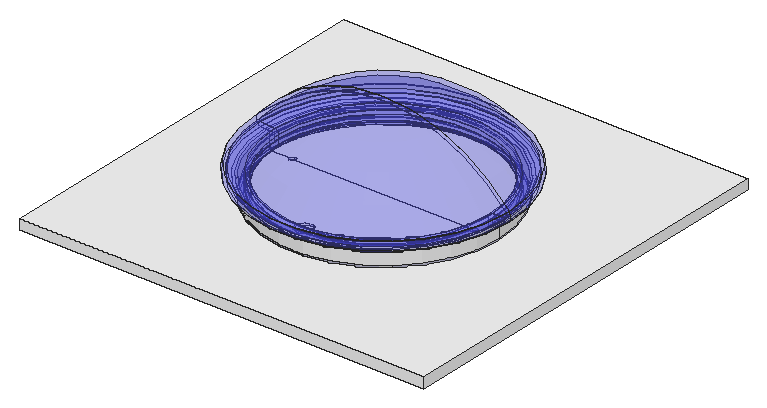
Revit family "BE_12133P_de_DE", category Leuchten, Revit 2020
Family settings
  Basisbauteil = Fläche
  Bemaßung runder Anschluss = Durchmesser verwenden
  Teiletyp = Normal
  Beim Laden mit Abzugskörper schneiden = Ja
  Lichtquelle = Ja
  Gemeinsam genutzt = Nein
  Raumberechnungspunkt = Ja
Parameters (values of type "BEGA_12133P_K3")
  built-in parameter 1150104 = 11.706 (stored number, unit not read)
  Wattage = 11.9 W
  Default Elevation = 0 mm
  built-in parameter 1150113 = 1 (stored number, unit not read)
  built-in parameter 1114218 = 1 (stored number, unit not read)
  Umgebungstemperatur = "25 °C"
  URL = "http://www.bega.de/de/produkt/12133P"
  Typenkommentare = "© 2022 BEGA. Wir behalten uns das Recht vor, technische Änderungen ohne vorherige Ankündigung vorzunehmen."  # constant formula
  built-in parameter 1150134 = (empty or 0)
  built-in parameter 1150109 = 1 (stored number, unit not read)
  Strom = ""
  built-in parameter 1150110 = 1 (stored number, unit not read)
  Spannung = 239.996 V
  Sonderanfertigung = no
  Seriennummer [instance] = "Hier können Sie die eindeutige Seriennummer für das Facility Management eintragen."
  Schutzklasse = "I"
  Schutzart = "IP 20"
  Scheinlast = 0 VA
  Produktdatenblatt = "http://www.bega.de/download/Xrfa/db/12133P.db.de.pdf"
  Oberflächentemperatur = ""
  Neigungswinkel = 0.00°
  Model = "12133PK2"
  Material_17 = BEGA_Reflektor
  Material_15 = BEGA_Leuchtmedium_matt
  Material_14 = BEGA_Kunststoff_opal
  Material_11 = BEGA_Glas_opal
  Material_09 = BEGA_Glas_klar
  Material_06 = BEGA_Oberfläche_Edelstahl_gebürstet
  Material_03 = BEGA_Oberfläche_Weiss_matt
  Material_02 = BEGA_Oberfläche_Silber_matt
  Material_01 [instance] = BEGA_Oberfläche_Grafit_matt
  M_W = no
  M_G = no
  M_A = no
  Logo = 0
  built-in parameter 1114217 = 1 (stored number, unit not read)
  built-in parameter 1150139 = (empty or 0)
  built-in parameter 1150105 = 415.15 (stored number, unit not read)
  built-in parameter 1150114 = 1 (stored number, unit not read)
  Lumens = 1499.4 lm
  built-in parameter 1150115 = 1 (stored number, unit not read)
  Leuchtenlichtstrom = "1146 lm"
  Leuchtenanzahl = ""
  Lebensdauerkriterien = "L70B50 @ 25 °C = 161000 h"
  Lastklassifizierung = Beleuchtung
  built-in parameter 1150112 = 1 (stored number, unit not read)
  Lampenlichtstrom = "1505 lm"
  Lamp = "LED 11.9 W"
  LED_Modulbezeichnung = "LED-0509/927"
  Hersteller = "BEGA"  # constant formula
  Halbstreuwinkel = ""
  Gewicht = "1.2 kg"
  Gebrauchslageneinschränkung [instance] = ""
  Frequenz = "50-60 Hz"
  Farbwiedergabeindex = "CRI > 90"
  Farbtemperaturverschiebung bei Dämpfen der Lampe = <Keine Auswahl>
  Farbtemperatur = "2700 K"
  Color Filter = 16777215
  built-in parameter 1150133 = 10 (stored number, unit not read)
  Energieeffizienzklasse = "LED A++ - A"
  built-in parameter 1150137 = (empty or 0)
  built-in parameter 1150132 = (empty or 0)
  ENEC = "ja"
  Dimmbar [instance] = ""
  Photometric Web File = "BE_12133PK2.IES"
  CE_Konformität = "ja"
  Bestellnummer = "12133PK2"
  Beschreibung_Sonderanfertigung = "Hier können Sie Informationen zur Sonderanfertigung eintragen."
  Beschreibung = "Decken- und Wandleuchte"
  built-in parameter 1150106 = 4.1515 (stored number, unit not read)
  Befestigungsbohrung = "Ø 5,5 mm"
  Befestigungsabstand = "180 mm"
  Ballwurfsicher = ""
  BEGA_Intern_aus = yes
  BEGA_Intern_an = yes
  BEGA_Intern_Konstruktion = yes
  BEGA_Intern = yes
  BEGA_IES = yes
  BEGA_Dummy = no
  Anschlussleitung = ""
  Anschlussleistung [instance] = "15.8 W"
  Anschlusskasten = ""
  built-in parameter 1150107 = 2000 (stored number, unit not read)
  built-in parameter 1150102 = (empty or 0)
  built-in parameter 1150138 = (empty or 0)
  Aktualisierung = "2019-10-29T04:00:14"
  Abstand_zur_angestrahlten_Fläche [instance] = ""
  AC/DC = "AC"
Types (2, lengths in mm): name | built-in parameter 1150134 | Model | built-in parameter 1150105 | Leuchtenlichtstrom | Lampenlichtstrom | LED_Modulbezeichnung | Farbtemperatur | Photometric Web File | Bestellnummer | built-in parameter 1150106 | built-in parameter 1150107
  BEGA_12133P_K3 | (empty or 0) | "12133PK3" | 418.55 (stored number, unit not read) | "1314 lm" | "1725 lm" | "LED-0509/930" | "3000 K" | "BE_12133PK3.IES" | "12133PK3" | 4.1855 (stored number, unit not read) | 3000 (stored number, unit not read)
  BEGA_12133P_K27 | 12 | "12133PK27" | 418.51 (stored number, unit not read) | "1272 lm" | "1670 lm" | "LED-0509/927" | "2700 K" | "BE_12133PK27.IES" | "12133PK27" | 4.1851 (stored number, unit not read) | 4000 (stored number, unit not read)
Reference planes
  plane 1 "Mitte (Vorne/Hinten)": y = 0
  plane 2: z = 0
  plane 3 "Mitte (Links/Rechts)": x = 0
  plane 4 "Links": x = -126
  plane 5 "Rechts": x = 126
  plane 6 "Unten": y = -126
  plane 7 "Oben": y = 126
  plane 8 "Vorne": z = 90.4
  plane 9 "Hinten": z = 0
Forms (mm)
  Extrusion 1, solid, material "BEGA_Platte_Weiss"
    sketch origin (0, -1119.2, 0) x (1, 0, 0) y (0, 1, 0)
      loop
        line (-200, 1319.2) -> (-200, 919.2) -> (200, 919.2) -> (200, 1319.2) -> (-200, 1319.2)
    from 0 to -10
  Extrusion 2, solid, material "BEGA_Dummy_matt", visible <- "BEGA_Dummy"
    sketch origin (77.149, -76.023, 0) x (1, 0, 0) y (0, 1, 0)
      loop
        circle (-77.149, 76.023) r 126
    from 0 to 90.4
Dimensions and locks
  plane 1 "Mitte (Vorne/Hinten)" to Extrusion 1 = 200 mm
  aligned and locked: plane 2 to Extrusion 1
  aligned and locked: level to Extrusion 1
Nested families
  nested 1: "BE_12133P" at (0, 0, 0) x (0, -1, 0) z (0, 0, 1), type "BE_12133P"
Connectors
  electrical at (0, 0, 0), driven by "Lastklassifizierung", driven by "Spannung", driven by "Scheinlast"
    settings: index 1, voltage 239.996 V, apparent load 0 VA, apparent load phase1 0 VA, apparent load phase2 0 VA, apparent load phase3 0 VA, power factor 1, load classification "Beleuchtung", number of poles 1, system type 31, power factor state 1, is connector primary yes, connector utility no, sub classification motor no, connector description ""
Definition of nested family "BE_12133P"
  Parameters (values of type "BE_12133P")
    Default Elevation = 1 mm
    URL = "http://www.bega.de/de/produkt"
    Type Comments = "© 2015 BEGA. Wir behalten uns das Recht vor, technische Änderungen ohne vorherige Ankündigung vorzunehmen. "  # constant formula
    Type Image = (empty or 0)
    Neigungswinkel_um_Z2 = 0.00°
    Neigungswinkel_um_Z1 = 0.00°
    Neigungswinkel_um_Y2 = 0.00°
    Neigungswinkel_um_Y1 = 0.00°
    Neigungswinkel_um_X2 = 0.00°
    Neigungswinkel_um_X1 = 0.00°
    Material_17 = none
    Material_15 = none
    Material_14 = none
    Material_11 = none
    Material_09 = none
    Material_06 = none
    Material_05 = none
    Material_03 = none
    Material_02 = none
    Material_01 = none
    M_W = yes
    M_G = yes
    M_A = yes
    Länge_Platte = 400 mm  # constant formula
    Höhe_Platte = -10 mm  # constant formula
    Manufacturer = "BEGA"  # constant formula
    Drehwinkel_um_Z2 = 0.00°
    Drehwinkel_um_Z1 = 0.00°
    Breite_Platte = 400 mm  # constant formula
  Reference planes
    plane 1 "Mitte (Oben/Unten)": y = 0
    plane 2: z = 0
    plane 3 "Mitte (Links/Rechts)": x = 0
    plane 4: y = 126
    plane 5: z = 90.4
    plane 6: y = -126
    plane 7: x = -126
    plane 8: x = 126
  Forms (mm)
    Extrusion 1, solid, detail levels medium
      sketch origin (0, 0, 0) x (1, 0, 0) y (0, 1, 0)
        loop
          line (-200, 200) -> (-200, -200) -> (200, -200) -> (200, 200) -> (-200, 200)
      from 0 to -10 <- "Höhe_Platte"
    Revolve 2, solid, material <- "Material_03", detail levels medium+fine
      sketch origin (0, 0, 0) x (0, 1, 0) y (0, 0, 1)
        loop
          line (117.5, 19.8) -> (117.5, 20.8) -> (115.331, 20.8)
          arc (115.331, 20.8) -> (114.063, 20.284) -> (113.524, 19.025) r 1.8
          line (113.524, 19.025) -> (113.276, 4.767)
          arc (113.276, 4.767) -> (112.825, 3.728) -> (111.776, 3.3) r 1.5
          line (111.776, 3.3) -> (0, 3.3) -> (0, 2.3) -> (111.776, 2.3)
          arc (111.776, 2.3) -> (113.525, 3.014) -> (114.275, 4.748) r 2.5
          line (114.275, 4.748) -> (114.524, 19.01)
          arc (114.524, 19.01) -> (114.764, 19.571) -> (115.329, 19.8) r 0.8
          line (115.329, 19.8) -> (117.5, 19.8)
        axis (0, 2.3) -> (0, 20.8)
      angle from 0 to 360
    Revolve 3, solid, material <- "Material_03", detail levels medium+fine
      sketch origin (0, 0, 0) x (0, 1, 0) y (0, 0, 1)
        loop
          arc (99.13, 1.943) -> (99.474, 2.206) -> (99.896, 2.3) r 1
          line (99.896, 2.3) -> (100.896, 3.3) -> (92.75, 3.3) -> (92.75, 0) -> (96.108, 0)
          arc (96.108, 0) -> (97.369, 0.281) -> (98.395, 1.067) r 3
          line (98.395, 1.067) -> (99.13, 1.943)
        axis (90, 3.3) -> (90, 0)
      angle from 0 to 360
    Revolve 4, solid, material <- "Material_03", detail levels medium+fine
      sketch origin (0, 0, 0) x (0, -1, 0) y (0, 0, 1)
        loop
          arc (99.13, 1.943) -> (99.474, 2.206) -> (99.896, 2.3) r 1
          line (99.896, 2.3) -> (100.896, 3.3) -> (92.75, 3.3) -> (92.75, 0) -> (96.108, 0)
          arc (96.108, 0) -> (97.369, 0.281) -> (98.395, 1.067) r 3
          line (98.395, 1.067) -> (99.13, 1.943)
        axis (90, 3.3) -> (90, 0)
      angle from 0 to 360
    Extrusion 5, void
      sketch origin (0, 0, 0) x (1, 0, 0) y (0, 1, 0)
        loop
          circle (80, 15) r 8.5
        loop
          circle (80, -15) r 8.5
      from 1.096 to 7.205
    Revolve 6, solid, material <- "Material_14", detail levels medium+fine
      sketch origin (0, 0, 0) x (0, 1, 0) y (0, 0, 1)
        loop
          line (0, 90.4) -> (0, 86.6)
          arc (0, 86.6) -> (67.014, 71.601) -> (121.239, 29.464) r 157.2
          arc (121.239, 29.464) -> (122.17, 27.288) -> (121.777, 24.953) r 4.2
          line (121.777, 24.953) -> (107.481, 24.204)
          arc (107.481, 24.204) -> (104.795, 22.96) -> (103.7, 20.21) r 4
          line (103.7, 20.21) -> (103.7, 16.4) -> (103.7, 11.174)
          arc (103.7, 11.174) -> (104.099, 9.678) -> (105.19, 8.579) r 3.003
          line (105.19, 8.579) -> (106.963, 7.556)
          arc (106.963, 7.556) -> (108.068, 6.43) -> (108.449, 4.9) r 3.003
          line (108.449, 4.9) -> (112.25, 4.9) -> (112.25, 8.894) -> (107.997, 11.349)
          arc (107.997, 11.349) -> (107.633, 11.715) -> (107.5, 12.214) r 1.001
          line (107.5, 12.214) -> (107.5, 19.451)
          arc (107.5, 19.451) -> (107.774, 20.139) -> (108.445, 20.45) r 1
          line (108.445, 20.45) -> (121.856, 21.152)
          arc (121.856, 21.152) -> (123.904, 21.845) -> (125.293, 23.503) r 4
          arc (125.293, 23.503) -> (125.929, 27.854) -> (124.17, 31.883) r 8
          arc (124.17, 31.883) -> (68.634, 75.038) -> (0, 90.4) r 161
        axis (0, 90.4) -> (0, 4.9)
      angle from 0 to 360
    Extrusion 7, void
      sketch origin (0, 0, 0) x (1, 0, 0) y (0, 1, 0)
        loop
          circle (0, 90) r 2.75
        loop
          circle (0, -90) r 2.75
      from 0 to 9
  Cuts and joins
    Extrusion 5, Extrusion 7 cuts Revolve 2
    Extrusion 5, Extrusion 7 cuts Revolve 3
    Extrusion 5, Extrusion 7 cuts Revolve 4
    joined: Revolve 2, Revolve 3, Revolve 4
  Dimensions and locks
    equal spacing: Extrusion 1 sketch curve, plane 3 "Mitte (Links/Rechts)", Extrusion 1 sketch curve
    equal spacing: Extrusion 1 sketch curve, plane 1 "Mitte (Oben/Unten)", Extrusion 1 sketch curve
    "Länge_Platte": Extrusion 1 sketch curve to Extrusion 1 sketch curve
    "Breite_Platte": Extrusion 1 sketch curve to Extrusion 1 sketch curve
    aligned and locked: plane 2 to Extrusion 1
    aligned and locked: level to Extrusion 1
  Automatic sketch dimensions
    Revolve 2 sketch curve to Revolve 2 sketch curve = 0 mm  (x11)
    Revolve 2 sketch curve to plane 1 "Mitte (Oben/Unten)" = 0 mm  (x2)
    Revolve 2 sketch curve to Revolve 2 sketch curve = 1.5 mm
    Revolve 2 sketch curve to Revolve 2 sketch curve = 1 mm  (x3)
    Revolve 2 sketch curve to Revolve 2 sketch curve = 0.8 mm
    Revolve 2 sketch curve to Revolve 2 sketch curve = 0.004 mm
    Revolve 2 sketch curve to Revolve 2 sketch curve = 0.002 mm
    Revolve 2 sketch curve to Revolve 2 sketch curve = 2.169 mm
    level to Revolve 2 sketch curve = 2.3 mm
    Revolve 2 sketch curve to Revolve 2 sketch curve = 1.448 mm
    Revolve 2 sketch curve to Revolve 2 sketch curve = 0.02 mm
    Revolve 2 sketch curve to Revolve 2 sketch curve = 0.033 mm
    Revolve 2 sketch curve to Revolve 2 sketch curve = 14.252 mm
    Revolve 2 sketch curve to Revolve 2 sketch curve = 0.01 mm
    Revolve 2 sketch curve to Revolve 2 sketch curve = 0.015 mm
    Revolve 2 sketch curve to Revolve 2 sketch curve = 4 mm
    Revolve 3 sketch curve to level = 0 mm
    level to Revolve 3 sketch curve = 3.3 mm
    Revolve 3 sketch curve to Revolve 3 sketch curve = 3.351 mm
    Revolve 3 sketch curve to Revolve 3 sketch curve = 0.007 mm
    level to Revolve 3 sketch curve = 1.067 mm
    Revolve 3 sketch curve to Revolve 3 sketch curve = 2.287 mm
    level to Revolve 3 sketch curve = 2.3 mm
    Revolve 3 sketch curve to Revolve 3 sketch curve = 1.501 mm
    Revolve 3 sketch curve to Revolve 3 sketch curve = 0 mm  (x2)
    Revolve 3 sketch curve to Revolve 3 sketch curve = 1 mm  (x2)
    Revolve 3 sketch curve to Revolve 3 sketch curve = 2.75 mm
    level to Revolve 3 sketch curve = 1.943 mm
    Revolve 3 sketch curve to Revolve 3 sketch curve = 0.766 mm
    Revolve 3 sketch curve to level = 2.001 mm
    Revolve 3 sketch curve to Revolve 3 sketch curve = 2 mm
    Revolve 4 sketch curve to level = 0 mm
    Revolve 4 sketch curve to level = 3.3 mm
    Revolve 4 sketch curve to Revolve 4 sketch curve = 3.351 mm
    Revolve 4 sketch curve to Revolve 4 sketch curve = 0.007 mm
    Revolve 4 sketch curve to level = 1.067 mm
    Revolve 4 sketch curve to Revolve 4 sketch curve = 2.287 mm
    Revolve 4 sketch curve to level = 2.3 mm
    Revolve 4 sketch curve to Revolve 4 sketch curve = 1.501 mm
    Revolve 4 sketch curve to Revolve 4 sketch curve = 0 mm  (x2)
    Revolve 4 sketch curve to Revolve 4 sketch curve = 1 mm  (x2)
    Revolve 4 sketch curve to Revolve 4 sketch curve = 2.75 mm
    Revolve 4 sketch curve to level = 1.943 mm
    Revolve 4 sketch curve to Revolve 4 sketch curve = 0.766 mm
    level to Revolve 4 sketch curve = 2.001 mm
    Revolve 4 sketch curve to Revolve 4 sketch curve = 2 mm
    plane 1 "Mitte (Oben/Unten)" to Extrusion 5 sketch curve = 15 mm
    Extrusion 5 sketch curve to plane 1 "Mitte (Oben/Unten)" = 15 mm
    Extrusion 5 sketch curve to Extrusion 5 sketch curve = 0 mm
    Revolve 6 sketch curve to Revolve 6 sketch curve = 0 mm  (x15)
    plane 1 "Mitte (Oben/Unten)" to Revolve 6 sketch curve = 0 mm
    Revolve 6 sketch curve to plane 1 "Mitte (Oben/Unten)" = 0 mm  (x2)
    Revolve 6 sketch curve to Revolve 6 sketch curve = 1.49 mm
    Revolve 6 sketch curve to Revolve 6 sketch curve = 0.257 mm
    Revolve 6 sketch curve to Revolve 6 sketch curve = 1.513 mm
    level to Revolve 6 sketch curve = 7.556 mm
    Revolve 6 sketch curve to Revolve 6 sketch curve = 1.773 mm
    Revolve 6 sketch curve to Revolve 6 sketch curve = 3.781 mm
    Revolve 6 sketch curve to Revolve 6 sketch curve = 3.8 mm  (x2)
    Revolve 6 sketch curve to Revolve 6 sketch curve = 0.2 mm
    Revolve 6 sketch curve to Revolve 6 sketch curve = 0.497 mm
    Revolve 6 sketch curve to Revolve 6 sketch curve = 0.745 mm
    Revolve 6 sketch curve to Revolve 6 sketch curve = 3.002 mm
    Revolve 6 sketch curve to Revolve 6 sketch curve = 0.055 mm
    Revolve 6 sketch curve to Revolve 6 sketch curve = 0.504 mm
    Revolve 6 sketch curve to Revolve 6 sketch curve = 3.801 mm  (x2)
    Revolve 6 sketch curve to Revolve 6 sketch curve = 0.13 mm
    Revolve 6 sketch curve to Revolve 6 sketch curve = 2.592 mm
    Revolve 6 sketch curve to level = 70.6 mm
    Revolve 6 sketch curve to Revolve 6 sketch curve = 1.024 mm
    Revolve 6 sketch curve to Revolve 6 sketch curve = 3.994 mm
    Revolve 6 sketch curve to Revolve 6 sketch curve = 2.594 mm
    Revolve 6 sketch curve to Revolve 6 sketch curve = 0.176 mm
    Revolve 6 sketch curve to Revolve 6 sketch curve = 0.865 mm
    Revolve 6 sketch curve to Revolve 6 sketch curve = 4.186 mm
    Revolve 6 sketch curve to Revolve 6 sketch curve = 3.051 mm
    Revolve 6 sketch curve to Revolve 6 sketch curve = 0.239 mm
    Revolve 6 sketch curve to Revolve 6 sketch curve = 3.755 mm
    Revolve 6 sketch curve to Revolve 6 sketch curve = 4.504 mm
    Revolve 6 sketch curve to Revolve 6 sketch curve = 0.193 mm
    Revolve 6 sketch curve to Revolve 6 sketch curve = 1.644 mm
    Revolve 6 sketch curve to Revolve 6 sketch curve = 2.931 mm
    Revolve 6 sketch curve to Revolve 6 sketch curve = 3.516 mm
    Revolve 6 sketch curve to Revolve 6 sketch curve = 3.81 mm
    level to Revolve 6 sketch curve = 40.4 mm
    Revolve 2 sketch curve to plane 1 "Mitte (Oben/Unten)" = 111.776 mm
    Revolve 2 sketch curve to Revolve 2 sketch curve = 0.249 mm
    Revolve 3 sketch curve to plane 1 "Mitte (Oben/Unten)" = 92.75 mm
    Revolve 6 sketch curve to plane 1 "Mitte (Oben/Unten)" = 103.7 mm
    Revolve 6 sketch curve to Revolve 6 sketch curve = 10.519 mm
    Revolve 6 sketch curve to Revolve 6 sketch curve = 3.647 mm
    Revolve 6 sketch curve to Revolve 6 sketch curve = 3.239 mm
    Revolve 6 sketch curve to Revolve 6 sketch curve = 0.079 mm
    Revolve 4 sketch curve to plane 1 "Mitte (Oben/Unten)" = 92.75 mm
    Revolve 6 sketch curve to Revolve 6 sketch curve = 46.2 mm
    plane 3 "Mitte (Links/Rechts)" to Extrusion 5 sketch curve = 80 mm
    Extrusion 7 sketch curve to plane 3 "Mitte (Links/Rechts)" = 0 mm  (x2)
    plane 6 to Extrusion 7 sketch curve = 36 mm
    plane 4 to Extrusion 7 sketch curve = 36 mm
    radius of Extrusion 5 sketch curve = 8.5 mm  (x2)
    radius of Extrusion 7 sketch curve = 2.75 mm  (x2)
